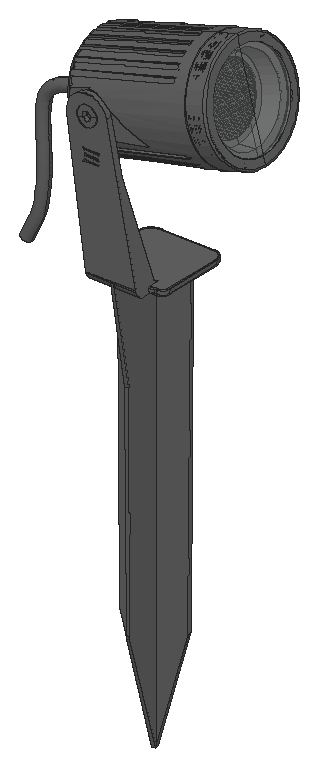
Revit family "STL23765_30 - 15°", category Luminárias, Revit 2023
Family settings
  Cota do conector redondo = Utilizar diâmetro
  Tipo de parte = Normal
  Com base no plano de trabalho = Não
  Sempre na vertical = Sim
  Corte com vazios quando carregada = Não
  Fonte luminosa = Sim
  Manter orientação da anotação = Não
  Compartilhado = Não
  Ponto de cálculo do ambiente = Não
Parameters (values of type "STL23765/30 - BIVOLT - 3000K - 700lm - 14º")
  Ângulo de inclinação = -90.00°
  Ângulo de Abertura = "14°"
  Wattage = 4.71247 W
  Vidro = Vidro
  URL = "https://stella.com.br/"
  Troca de temperatura da cor de lâmpada com esmaecimento = <Nenhum>
  Tensão Elétrica = "100V-240V"
  built-in parameter 1150107 = 3000 (stored number, unit not read)
  Temperatura da cor (K) = 3000 K
  Referência = "STL23765/30"
  Potência = 11.5 W
  built-in parameter 1150110 = 1 (stored number, unit not read)
  built-in parameter 1150109 = 1 (stored number, unit not read)
  built-in parameter 1114218 = 1 (stored number, unit not read)
  built-in parameter 1150112 = 1 (stored number, unit not read)
  built-in parameter 1150113 = 1 (stored number, unit not read)
  built-in parameter 1150132 = 2
  built-in parameter 1150137 = (empty or 0)
  Modelo = "S.Ground"
  Luminoso = Luminoso - 3000K
  built-in parameter 1150106 = 0.55704 (stored number, unit not read)
  built-in parameter 1150102 = (empty or 0)
  built-in parameter 1150105 = 55.704 (stored number, unit not read)
  IRC (Índice de reprodução de cores) = ">80"
  Grau de proteção (IP) = "IP67"
  Fluxo Luminoso = 700 lm
  Color Filter = 16777215
  built-in parameter 1114217 = 1 (stored number, unit not read)
  built-in parameter 1150139 = (empty or 0)
  Fabricante = "Stella"
  Estrutura = Al - Preto
  Default Elevation = 0.00 m
  built-in parameter 1150104 = 13.8 (stored number, unit not read)
  Diâmetro do Spot = 0.068 m
  Dimerização = "Não dimerizável"
  built-in parameter 1150115 = 1 (stored number, unit not read)
  built-in parameter 1150114 = 1 (stored number, unit not read)
  Lumens = 700 lm
  built-in parameter 1150138 = (empty or 0)
  built-in parameter 1150134 = (empty or 0)
  Arquivo de rede fotométrica = "STELLA - STL23765-30 - ESPETO GROUND 11W COM GRADE.ies"
  Altura do espeto no ângulo de 90° = 0.384 m
  Altura do Spot = 0.11 m
  built-in parameter 1150133 = 10 (stored number, unit not read)
Reference planes (m)
  plane 1 "Centro (Frente/Trás)": y = 0
  plane 2: z = -0.000025
  plane 3 "Centro (Esquerda/Direita)": x = 0
  plane 4: x = 0.034
  plane 5: x = -0.034
  plane 6: y = 0.034
  plane 7: y = -0.034
  plane 8: z = -0.260025
  plane 9: z = 0.164461
  plane 10: z = 0.123975
  plane 11 "Conector": z = 0.054461
Forms (m)
  Revolve 1, solid, material "Al - Preto" <- "Estrutura"
    sketch origin (0.070053, 0, 0.107732) x (0.258819, 0, -0.965926) y (0.965926, 0, 0.258819)
      loop
        arc (-0.032099, -0.082115) -> (-0.031983, -0.082705) -> (-0.031679, -0.083225) r 0.0018
        line (-0.031679, -0.083225) -> (-0.027771, -0.087882)
        arc (-0.027771, -0.087882) -> (-0.027153, -0.088356) -> (-0.026392, -0.088525) r 0.0018
        line (-0.026392, -0.088525) -> (0, -0.088525) -> (0, -0.086325) -> (-0.026549, -0.086325)
        arc (-0.026549, -0.086325) -> (-0.027253, -0.086035) -> (-0.027549, -0.085333) r 0.001
        line (-0.027549, -0.085333) -> (-0.027889, -0.046389) -> (-0.029004, -0.046389) -> (-0.0294, -0.001025) -> (-0.0302, -0.001025) -> (-0.0302, -0.000027) -> (-0.031, -0.000027) -> (-0.031, 0.000975) -> (-0.0318, 0.000975) -> (-0.0318, -0.002025) -> (-0.033, -0.002025) -> (-0.032, -0.002581) -> (-0.033063, -0.003021) -> (-0.032, -0.003581) -> (-0.033063, -0.004021) -> (-0.032, -0.004581) -> (-0.033063, -0.005021) -> (-0.032, -0.005581) -> (-0.033063, -0.006021) -> (-0.032, -0.006581) -> (-0.033063, -0.007021) -> (-0.032, -0.007581) -> (-0.033, -0.007995) -> (-0.031874, -0.008529) -> (-0.032743, -0.008708) -> (-0.032743, -0.009525) -> (-0.034, -0.009525) -> (-0.032099, -0.082115)
      axis (0, 0.000975) -> (0, -0.088525)
    angle from 0 to 360
  Extrusion 2, void
    sketch origin (0.767111, 0, 0.294508) x (0.258819, 0, -0.965926) y (0.965926, 0, 0.258819)
      loop
        line (-0.01308, -0.794236) -> (-0.012835, -0.803762) -> (0.012886, -0.803762) -> (0.015492, -0.760818) -> (-0.009303, -0.78496)
        arc (-0.009303, -0.78496) -> (-0.011284, -0.787473) -> (-0.012607, -0.790387) r 0.013291
        arc (-0.012607, -0.790387) -> (-0.01298, -0.792295) -> (-0.01308, -0.794236) r 0.013761
    from 0.029595 to 0.034
  Extrusion 3, void
    sketch origin (0.070053, 0, 0.107732) x (0.258819, 0, -0.965926) y (0.965926, 0, 0.258819)
      loop
        line (0.012886, -0.082115) -> (-0.012835, -0.082115)
        arc (-0.012835, -0.082115) -> (-0.012751, -0.082676) -> (-0.012604, -0.083225) r 0.00513
        arc (-0.012604, -0.083225) -> (0, -0.086236) -> (0.012604, -0.083225) r 0.027882
        arc (0.012604, -0.083225) -> (0.012764, -0.082674) -> (0.012886, -0.082115) r 0.008644
    from 0.029595 to 0.034
  Revolve 4, solid, material "Al - Preto" <- "Estrutura"
    sketch origin (0.070053, 0, 0.107732) x (0.258819, 0, -0.965926) y (0.965926, 0, 0.258819)
      loop
        line (-0.023145, -0.011471) -> (-0.024921, -0.001015) -> (-0.0292, -0.001015) -> (-0.0292, -0.014539) -> (-0.0238, -0.042865) -> (-0.022565, -0.042865) -> (-0.0226, -0.012671) -> (-0.02, -0.012671) -> (-0.02, -0.011471) -> (-0.023145, -0.011471)
      axis (0, -0.042865) -> (0, -0.001015)
    angle from 0 to 360
  Sweep 5, void
    path origin (0.071272, 0.00194, 0.088953) x (-0.257404, -0.104423, 0.960645) y (-0.965926, 0, -0.258819)
      loop
        line (-0.019286, 0.011939) -> (-0.01498, 0.016138) -> (-0.013266, 0.08651)
    profile origin (0.062122, 0.003729, 0.068861) x (-0.511894, 0.072899, -0.85595) y (0.027027, -0.994533, -0.100865)
      loop
        spline (0.001134, -0.001607) -> (0.001144, -0.001473) -> (0.001154, -0.001339) -> (0.001163, -0.001206) -> (0.00117, -0.001072) -> (0.001177, -0.000938) -> (0.001183, -0.000804) -> (0.001188, -0.00067) -> (0.001192, -0.000536) -> (0.001195, -0.000402) -> (0.001198, -0.000268) -> (0.001199, -0.000134) -> (0.001199, 0)
        spline (0.001199, 0) -> (0.001199, 0.000134) -> (0.001198, 0.000268) -> (0.001195, 0.000402) -> (0.001192, 0.000536) -> (0.001188, 0.00067) -> (0.001183, 0.000804) -> (0.001177, 0.000938) -> (0.00117, 0.001072) -> (0.001163, 0.001206) -> (0.001154, 0.001339) -> (0.001144, 0.001473) -> (0.001134, 0.001607)
        line (0.001134, 0.001607) -> (-0.000403, 0.001703) -> (-0.001856, 0.001576)
        spline (-0.001856, 0.001576) -> (-0.001833, 0.001314) -> (-0.001814, 0.001052) -> (-0.0018, 0.000789) -> (-0.00179, 0.000526) -> (-0.001784, 0.000263) -> (-0.001782, 0) -> (-0.001784, -0.000263) -> (-0.00179, -0.000526) -> (-0.0018, -0.000789) -> (-0.001814, -0.001052) -> (-0.001833, -0.001314) -> (-0.001856, -0.001576)
        line (-0.001856, -0.001576) -> (-0.000403, -0.001703) -> (0.001134, -0.001607)
  Revolve 6, solid, material "Luminoso - 3000K" <- "Luminoso"
    sketch origin (0.070053, 0, 0.107732) x (0.258819, 0, -0.965926) y (0.965926, 0, 0.258819)
      loop
        line (-0.019854, -0.016671) -> (-0.02245, -0.016671) -> (-0.02255, -0.018951) -> (-0.020738, -0.018951)
        arc (-0.020738, -0.018951) -> (-0.016066, -0.030152) -> (-0.009678, -0.040471) r 0.0763
        line (-0.009678, -0.040471) -> (-0.0088, -0.040471) -> (-0.0088, -0.028471) -> (0, -0.028471) -> (0, -0.02567) -> (-0.0025, -0.02567) -> (-0.0025, -0.02467) -> (-0.0051, -0.025393) -> (-0.0051, -0.023991)
        arc (-0.0051, -0.023991) -> (-0.005592, -0.023797) -> (-0.006083, -0.023599) r 0.095235
        arc (-0.006083, -0.023599) -> (-0.013109, -0.020414) -> (-0.019854, -0.016671) r 0.095235
      axis (0, -0.016671) -> (0, -0.040471)
    angle from 0 to 360
  Sweep 7, void
    path origin (0.071063, 0.005735, 0.089732) x (-0.246157, -0.308954, 0.91867) y (-0.965926, 0, -0.258819)
      loop
        line (-0.019286, 0.011939) -> (-0.01498, 0.016138) -> (-0.013266, 0.08651)
    profile origin (0.06172, 0.011029, 0.070359) x (-0.519746, 0.215685, -0.826646) y (0.079963, -0.951077, -0.298427)
      loop
        spline (0.001134, -0.001607) -> (0.001144, -0.001473) -> (0.001154, -0.001339) -> (0.001163, -0.001206) -> (0.00117, -0.001072) -> (0.001177, -0.000938) -> (0.001183, -0.000804) -> (0.001188, -0.00067) -> (0.001192, -0.000536) -> (0.001195, -0.000402) -> (0.001198, -0.000268) -> (0.001199, -0.000134) -> (0.001199, 0)
        spline (0.001199, 0) -> (0.001199, 0.000134) -> (0.001198, 0.000268) -> (0.001195, 0.000402) -> (0.001192, 0.000536) -> (0.001188, 0.00067) -> (0.001183, 0.000804) -> (0.001177, 0.000938) -> (0.00117, 0.001072) -> (0.001163, 0.001206) -> (0.001154, 0.001339) -> (0.001144, 0.001473) -> (0.001134, 0.001607)
        line (0.001134, 0.001607) -> (-0.000403, 0.001703) -> (-0.001856, 0.001576)
        spline (-0.001856, 0.001576) -> (-0.001833, 0.001314) -> (-0.001814, 0.001052) -> (-0.0018, 0.000789) -> (-0.00179, 0.000526) -> (-0.001784, 0.000263) -> (-0.001782, 0) -> (-0.001784, -0.000263) -> (-0.00179, -0.000526) -> (-0.0018, -0.000789) -> (-0.001814, -0.001052) -> (-0.001833, -0.001314) -> (-0.001856, -0.001576)
        line (-0.001856, -0.001576) -> (-0.000403, -0.001703) -> (0.001134, -0.001607)
  Sweep 8, void
    path origin (0.071063, -0.005735, 0.089732) x (-0.246157, 0.308954, 0.91867) y (0.965926, 0, 0.258819)
      loop
        line (-0.019286, -0.011939) -> (-0.01498, -0.016138) -> (-0.013266, -0.08651)
    profile origin (0.06172, -0.011029, 0.070359) x (0.519746, 0.215685, 0.826646) y (0.079963, 0.951077, -0.298427)
      loop
        line (-0.001134, -0.001607) -> (0.000403, -0.001703) -> (0.001856, -0.001576)
        spline (0.001856, -0.001576) -> (0.001833, -0.001314) -> (0.001814, -0.001052) -> (0.0018, -0.000789) -> (0.00179, -0.000526) -> (0.001784, -0.000263) -> (0.001782, 0) -> (0.001784, 0.000263) -> (0.00179, 0.000526) -> (0.0018, 0.000789) -> (0.001814, 0.001052) -> (0.001833, 0.001314) -> (0.001856, 0.001576)
        line (0.001856, 0.001576) -> (0.000403, 0.001703) -> (-0.001134, 0.001607)
        spline (-0.001134, 0.001607) -> (-0.001144, 0.001473) -> (-0.001154, 0.001339) -> (-0.001163, 0.001206) -> (-0.00117, 0.001072) -> (-0.001177, 0.000938) -> (-0.001183, 0.000804) -> (-0.001188, 0.00067) -> (-0.001192, 0.000536) -> (-0.001195, 0.000402) -> (-0.001198, 0.000268) -> (-0.001199, 0.000134) -> (-0.001199, 0)
        spline (-0.001199, 0) -> (-0.001199, -0.000134) -> (-0.001198, -0.000268) -> (-0.001195, -0.000402) -> (-0.001192, -0.000536) -> (-0.001188, -0.00067) -> (-0.001183, -0.000804) -> (-0.001177, -0.000938) -> (-0.00117, -0.001072) -> (-0.001163, -0.001206) -> (-0.001154, -0.001339) -> (-0.001144, -0.001473) -> (-0.001134, -0.001607)
  Sweep 9, void
    path origin (0.071272, -0.00194, 0.088953) x (-0.257404, 0.104423, 0.960645) y (0.965926, 0, 0.258819)
      loop
        line (-0.019286, -0.011939) -> (-0.01498, -0.016138) -> (-0.013266, -0.08651)
    profile origin (0.062122, -0.003729, 0.068861) x (0.511894, 0.072899, 0.85595) y (0.027027, 0.994533, -0.100865)
      loop
        line (-0.001134, -0.001607) -> (0.000403, -0.001703) -> (0.001856, -0.001576)
        spline (0.001856, -0.001576) -> (0.001833, -0.001314) -> (0.001814, -0.001052) -> (0.0018, -0.000789) -> (0.00179, -0.000526) -> (0.001784, -0.000263) -> (0.001782, 0) -> (0.001784, 0.000263) -> (0.00179, 0.000526) -> (0.0018, 0.000789) -> (0.001814, 0.001052) -> (0.001833, 0.001314) -> (0.001856, 0.001576)
        line (0.001856, 0.001576) -> (0.000403, 0.001703) -> (-0.001134, 0.001607)
        spline (-0.001134, 0.001607) -> (-0.001144, 0.001473) -> (-0.001154, 0.001339) -> (-0.001163, 0.001206) -> (-0.00117, 0.001072) -> (-0.001177, 0.000938) -> (-0.001183, 0.000804) -> (-0.001188, 0.00067) -> (-0.001192, 0.000536) -> (-0.001195, 0.000402) -> (-0.001198, 0.000268) -> (-0.001199, 0.000134) -> (-0.001199, 0)
        spline (-0.001199, 0) -> (-0.001199, -0.000134) -> (-0.001198, -0.000268) -> (-0.001195, -0.000402) -> (-0.001192, -0.000536) -> (-0.001188, -0.00067) -> (-0.001183, -0.000804) -> (-0.001177, -0.000938) -> (-0.00117, -0.001072) -> (-0.001163, -0.001206) -> (-0.001154, -0.001339) -> (-0.001144, -0.001473) -> (-0.001134, -0.001607)
  Sweep 10, void
    path origin (0.070654, 0.009278, 0.091256) x (-0.224161, -0.499884, 0.836581) y (-0.965926, 0, -0.258819)
      loop
        line (-0.019286, 0.011939) -> (-0.01498, 0.016138) -> (-0.013266, 0.08651)
    profile origin (0.060935, 0.017843, 0.073289) x (-0.535101, 0.348975, -0.769339) y (0.129379, -0.866093, -0.48285)
      loop
        spline (0.001134, -0.001607) -> (0.001144, -0.001473) -> (0.001154, -0.001339) -> (0.001163, -0.001206) -> (0.00117, -0.001072) -> (0.001177, -0.000938) -> (0.001183, -0.000804) -> (0.001188, -0.00067) -> (0.001192, -0.000536) -> (0.001195, -0.000402) -> (0.001198, -0.000268) -> (0.001199, -0.000134) -> (0.001199, 0)
        spline (0.001199, 0) -> (0.001199, 0.000134) -> (0.001198, 0.000268) -> (0.001195, 0.000402) -> (0.001192, 0.000536) -> (0.001188, 0.00067) -> (0.001183, 0.000804) -> (0.001177, 0.000938) -> (0.00117, 0.001072) -> (0.001163, 0.001206) -> (0.001154, 0.001339) -> (0.001144, 0.001473) -> (0.001134, 0.001607)
        line (0.001134, 0.001607) -> (-0.000403, 0.001703) -> (-0.001856, 0.001576)
        spline (-0.001856, 0.001576) -> (-0.001833, 0.001314) -> (-0.001814, 0.001052) -> (-0.0018, 0.000789) -> (-0.00179, 0.000526) -> (-0.001784, 0.000263) -> (-0.001782, 0) -> (-0.001784, -0.000263) -> (-0.00179, -0.000526) -> (-0.0018, -0.000789) -> (-0.001814, -0.001052) -> (-0.001833, -0.001314) -> (-0.001856, -0.001576)
        line (-0.001856, -0.001576) -> (-0.000403, -0.001703) -> (0.001134, -0.001607)
  Sweep 11, void
    path origin (0.070654, -0.009278, 0.091256) x (-0.224161, 0.499884, 0.836581) y (0.965926, 0, 0.258819)
      loop
        line (-0.019286, -0.011939) -> (-0.01498, -0.016138) -> (-0.013266, -0.08651)
    profile origin (0.060935, -0.017843, 0.073289) x (0.535101, 0.348975, 0.769339) y (0.129379, 0.866093, -0.48285)
      loop
        line (-0.001134, -0.001607) -> (0.000403, -0.001703) -> (0.001856, -0.001576)
        spline (0.001856, -0.001576) -> (0.001833, -0.001314) -> (0.001814, -0.001052) -> (0.0018, -0.000789) -> (0.00179, -0.000526) -> (0.001784, -0.000263) -> (0.001782, 0) -> (0.001784, 0.000263) -> (0.00179, 0.000526) -> (0.0018, 0.000789) -> (0.001814, 0.001052) -> (0.001833, 0.001314) -> (0.001856, 0.001576)
        line (0.001856, 0.001576) -> (0.000403, 0.001703) -> (-0.001134, 0.001607)
        spline (-0.001134, 0.001607) -> (-0.001144, 0.001473) -> (-0.001154, 0.001339) -> (-0.001163, 0.001206) -> (-0.00117, 0.001072) -> (-0.001177, 0.000938) -> (-0.001183, 0.000804) -> (-0.001188, 0.00067) -> (-0.001192, 0.000536) -> (-0.001195, 0.000402) -> (-0.001198, 0.000268) -> (-0.001199, 0.000134) -> (-0.001199, 0)
        spline (-0.001199, 0) -> (-0.001199, -0.000134) -> (-0.001198, -0.000268) -> (-0.001195, -0.000402) -> (-0.001192, -0.000536) -> (-0.001188, -0.00067) -> (-0.001183, -0.000804) -> (-0.001177, -0.000938) -> (-0.00117, -0.001072) -> (-0.001163, -0.001206) -> (-0.001154, -0.001339) -> (-0.001144, -0.001473) -> (-0.001134, -0.001607)
  Sweep 12, void
    path origin (0.070064, 0.012416, 0.093458) x (-0.192368, -0.66901, 0.717927) y (-0.965926, 0, -0.258819)
      loop
        line (-0.019286, 0.011939) -> (-0.01498, 0.016138) -> (-0.013266, 0.08651)
    profile origin (0.0598, 0.023878, 0.077524) x (-0.557297, 0.467045, -0.686505) y (0.173153, -0.743253, -0.646214)
      loop
        spline (0.001134, -0.001607) -> (0.001144, -0.001473) -> (0.001154, -0.001339) -> (0.001163, -0.001206) -> (0.00117, -0.001072) -> (0.001177, -0.000938) -> (0.001183, -0.000804) -> (0.001188, -0.00067) -> (0.001192, -0.000536) -> (0.001195, -0.000402) -> (0.001198, -0.000268) -> (0.001199, -0.000134) -> (0.001199, 0)
        spline (0.001199, 0) -> (0.001199, 0.000134) -> (0.001198, 0.000268) -> (0.001195, 0.000402) -> (0.001192, 0.000536) -> (0.001188, 0.00067) -> (0.001183, 0.000804) -> (0.001177, 0.000938) -> (0.00117, 0.001072) -> (0.001163, 0.001206) -> (0.001154, 0.001339) -> (0.001144, 0.001473) -> (0.001134, 0.001607)
        line (0.001134, 0.001607) -> (-0.000403, 0.001703) -> (-0.001856, 0.001576)
        spline (-0.001856, 0.001576) -> (-0.001833, 0.001314) -> (-0.001814, 0.001052) -> (-0.0018, 0.000789) -> (-0.00179, 0.000526) -> (-0.001784, 0.000263) -> (-0.001782, 0) -> (-0.001784, -0.000263) -> (-0.00179, -0.000526) -> (-0.0018, -0.000789) -> (-0.001814, -0.001052) -> (-0.001833, -0.001314) -> (-0.001856, -0.001576)
        line (-0.001856, -0.001576) -> (-0.000403, -0.001703) -> (0.001134, -0.001607)
  Sweep 13, void
    path origin (0.069318, 0.015012, 0.096243) x (-0.152161, -0.80893, 0.567872) y (-0.965926, 0, -0.258819)
      loop
        line (-0.019286, 0.011939) -> (-0.01498, 0.016138) -> (-0.013266, 0.08651)
    profile origin (0.058365, 0.028871, 0.08288) x (-0.585366, 0.564724, -0.58175) y (0.209367, -0.587905, -0.781367)
      loop
        spline (0.001134, -0.001607) -> (0.001144, -0.001473) -> (0.001154, -0.001339) -> (0.001163, -0.001206) -> (0.00117, -0.001072) -> (0.001177, -0.000938) -> (0.001183, -0.000804) -> (0.001188, -0.00067) -> (0.001192, -0.000536) -> (0.001195, -0.000402) -> (0.001198, -0.000268) -> (0.001199, -0.000134) -> (0.001199, 0)
        spline (0.001199, 0) -> (0.001199, 0.000134) -> (0.001198, 0.000268) -> (0.001195, 0.000402) -> (0.001192, 0.000536) -> (0.001188, 0.00067) -> (0.001183, 0.000804) -> (0.001177, 0.000938) -> (0.00117, 0.001072) -> (0.001163, 0.001206) -> (0.001154, 0.001339) -> (0.001144, 0.001473) -> (0.001134, 0.001607)
        line (0.001134, 0.001607) -> (-0.000403, 0.001703) -> (-0.001856, 0.001576)
        spline (-0.001856, 0.001576) -> (-0.001833, 0.001314) -> (-0.001814, 0.001052) -> (-0.0018, 0.000789) -> (-0.00179, 0.000526) -> (-0.001784, 0.000263) -> (-0.001782, 0) -> (-0.001784, -0.000263) -> (-0.00179, -0.000526) -> (-0.0018, -0.000789) -> (-0.001814, -0.001052) -> (-0.001833, -0.001314) -> (-0.001856, -0.001576)
        line (-0.001856, -0.001576) -> (-0.000403, -0.001703) -> (0.001134, -0.001607)
  Sweep 14, void
    path origin (0.070064, -0.012416, 0.093458) x (-0.192368, 0.66901, 0.717927) y (0.965926, 0, 0.258819)
      loop
        line (-0.019286, -0.011939) -> (-0.01498, -0.016138) -> (-0.013266, -0.08651)
    profile origin (0.0598, -0.023878, 0.077524) x (0.557297, 0.467045, 0.686505) y (0.173153, 0.743253, -0.646214)
      loop
        line (-0.001134, -0.001607) -> (0.000403, -0.001703) -> (0.001856, -0.001576)
        spline (0.001856, -0.001576) -> (0.001833, -0.001314) -> (0.001814, -0.001052) -> (0.0018, -0.000789) -> (0.00179, -0.000526) -> (0.001784, -0.000263) -> (0.001782, 0) -> (0.001784, 0.000263) -> (0.00179, 0.000526) -> (0.0018, 0.000789) -> (0.001814, 0.001052) -> (0.001833, 0.001314) -> (0.001856, 0.001576)
        line (0.001856, 0.001576) -> (0.000403, 0.001703) -> (-0.001134, 0.001607)
        spline (-0.001134, 0.001607) -> (-0.001144, 0.001473) -> (-0.001154, 0.001339) -> (-0.001163, 0.001206) -> (-0.00117, 0.001072) -> (-0.001177, 0.000938) -> (-0.001183, 0.000804) -> (-0.001188, 0.00067) -> (-0.001192, 0.000536) -> (-0.001195, 0.000402) -> (-0.001198, 0.000268) -> (-0.001199, 0.000134) -> (-0.001199, 0)
        spline (-0.001199, 0) -> (-0.001199, -0.000134) -> (-0.001198, -0.000268) -> (-0.001195, -0.000402) -> (-0.001192, -0.000536) -> (-0.001188, -0.00067) -> (-0.001183, -0.000804) -> (-0.001177, -0.000938) -> (-0.00117, -0.001072) -> (-0.001163, -0.001206) -> (-0.001154, -0.001339) -> (-0.001144, -0.001473) -> (-0.001134, -0.001607)
  Sweep 15, void
    path origin (0.069318, -0.015012, 0.096243) x (-0.152161, 0.80893, 0.567872) y (0.965926, 0, 0.258819)
      loop
        line (-0.019286, -0.011939) -> (-0.01498, -0.016138) -> (-0.013266, -0.08651)
    profile origin (0.058365, -0.028871, 0.08288) x (0.585366, 0.564724, 0.58175) y (0.209367, 0.587905, -0.781367)
      loop
        line (-0.001134, -0.001607) -> (0.000403, -0.001703) -> (0.001856, -0.001576)
        spline (0.001856, -0.001576) -> (0.001833, -0.001314) -> (0.001814, -0.001052) -> (0.0018, -0.000789) -> (0.00179, -0.000526) -> (0.001784, -0.000263) -> (0.001782, 0) -> (0.001784, 0.000263) -> (0.00179, 0.000526) -> (0.0018, 0.000789) -> (0.001814, 0.001052) -> (0.001833, 0.001314) -> (0.001856, 0.001576)
        line (0.001856, 0.001576) -> (0.000403, 0.001703) -> (-0.001134, 0.001607)
        spline (-0.001134, 0.001607) -> (-0.001144, 0.001473) -> (-0.001154, 0.001339) -> (-0.001163, 0.001206) -> (-0.00117, 0.001072) -> (-0.001177, 0.000938) -> (-0.001183, 0.000804) -> (-0.001188, 0.00067) -> (-0.001192, 0.000536) -> (-0.001195, 0.000402) -> (-0.001198, 0.000268) -> (-0.001199, 0.000134) -> (-0.001199, 0)
        spline (-0.001199, 0) -> (-0.001199, -0.000134) -> (-0.001198, -0.000268) -> (-0.001195, -0.000402) -> (-0.001192, -0.000536) -> (-0.001188, -0.00067) -> (-0.001183, -0.000804) -> (-0.001177, -0.000938) -> (-0.00117, -0.001072) -> (-0.001163, -0.001206) -> (-0.001154, -0.001339) -> (-0.001144, -0.001473) -> (-0.001134, -0.001607)
  Sweep 16, void
    path origin (0.061719, 0.00194, 0.124603) x (0.257404, -0.104423, -0.960645) y (0.965926, 0, 0.258819)
      loop
        line (-0.019286, -0.011939) -> (-0.01498, -0.016138) -> (-0.013266, -0.08651)
    profile origin (0.043749, 0.003729, 0.137429) x (0.871288, -0.072899, -0.485327) y (-0.027027, -0.994533, 0.100865)
      loop
        line (-0.001134, -0.001607) -> (0.000403, -0.001703) -> (0.001856, -0.001576)
        spline (0.001856, -0.001576) -> (0.001833, -0.001314) -> (0.001814, -0.001052) -> (0.0018, -0.000789) -> (0.00179, -0.000526) -> (0.001784, -0.000263) -> (0.001782, 0) -> (0.001784, 0.000263) -> (0.00179, 0.000526) -> (0.0018, 0.000789) -> (0.001814, 0.001052) -> (0.001833, 0.001314) -> (0.001856, 0.001576)
        line (0.001856, 0.001576) -> (0.000403, 0.001703) -> (-0.001134, 0.001607)
        spline (-0.001134, 0.001607) -> (-0.001144, 0.001473) -> (-0.001154, 0.001339) -> (-0.001163, 0.001206) -> (-0.00117, 0.001072) -> (-0.001177, 0.000938) -> (-0.001183, 0.000804) -> (-0.001188, 0.00067) -> (-0.001192, 0.000536) -> (-0.001195, 0.000402) -> (-0.001198, 0.000268) -> (-0.001199, 0.000134) -> (-0.001199, 0)
        spline (-0.001199, 0) -> (-0.001199, -0.000134) -> (-0.001198, -0.000268) -> (-0.001195, -0.000402) -> (-0.001192, -0.000536) -> (-0.001188, -0.00067) -> (-0.001183, -0.000804) -> (-0.001177, -0.000938) -> (-0.00117, -0.001072) -> (-0.001163, -0.001206) -> (-0.001154, -0.001339) -> (-0.001144, -0.001473) -> (-0.001134, -0.001607)
  Sweep 17, void
    path origin (0.061928, 0.005735, 0.123824) x (0.246157, -0.308954, -0.91867) y (0.965926, 0, 0.258819)
      loop
        line (-0.019286, -0.011939) -> (-0.01498, -0.016138) -> (-0.013266, -0.08651)
    profile origin (0.04415, 0.011029, 0.13593) x (0.863436, -0.215685, -0.456024) y (-0.079963, -0.951077, 0.298427)
      loop
        line (-0.001134, -0.001607) -> (0.000403, -0.001703) -> (0.001856, -0.001576)
        spline (0.001856, -0.001576) -> (0.001833, -0.001314) -> (0.001814, -0.001052) -> (0.0018, -0.000789) -> (0.00179, -0.000526) -> (0.001784, -0.000263) -> (0.001782, 0) -> (0.001784, 0.000263) -> (0.00179, 0.000526) -> (0.0018, 0.000789) -> (0.001814, 0.001052) -> (0.001833, 0.001314) -> (0.001856, 0.001576)
        line (0.001856, 0.001576) -> (0.000403, 0.001703) -> (-0.001134, 0.001607)
        spline (-0.001134, 0.001607) -> (-0.001144, 0.001473) -> (-0.001154, 0.001339) -> (-0.001163, 0.001206) -> (-0.00117, 0.001072) -> (-0.001177, 0.000938) -> (-0.001183, 0.000804) -> (-0.001188, 0.00067) -> (-0.001192, 0.000536) -> (-0.001195, 0.000402) -> (-0.001198, 0.000268) -> (-0.001199, 0.000134) -> (-0.001199, 0)
        spline (-0.001199, 0) -> (-0.001199, -0.000134) -> (-0.001198, -0.000268) -> (-0.001195, -0.000402) -> (-0.001192, -0.000536) -> (-0.001188, -0.00067) -> (-0.001183, -0.000804) -> (-0.001177, -0.000938) -> (-0.00117, -0.001072) -> (-0.001163, -0.001206) -> (-0.001154, -0.001339) -> (-0.001144, -0.001473) -> (-0.001134, -0.001607)
  Sweep 18, void
    path origin (0.061928, -0.005735, 0.123824) x (0.246157, 0.308954, -0.91867) y (-0.965926, 0, -0.258819)
      loop
        line (-0.019286, 0.011939) -> (-0.01498, 0.016138) -> (-0.013266, 0.08651)
    profile origin (0.04415, -0.011029, 0.13593) x (-0.863436, -0.215685, 0.456024) y (-0.079963, 0.951077, 0.298427)
      loop
        spline (0.001134, -0.001607) -> (0.001144, -0.001473) -> (0.001154, -0.001339) -> (0.001163, -0.001206) -> (0.00117, -0.001072) -> (0.001177, -0.000938) -> (0.001183, -0.000804) -> (0.001188, -0.00067) -> (0.001192, -0.000536) -> (0.001195, -0.000402) -> (0.001198, -0.000268) -> (0.001199, -0.000134) -> (0.001199, 0)
        spline (0.001199, 0) -> (0.001199, 0.000134) -> (0.001198, 0.000268) -> (0.001195, 0.000402) -> (0.001192, 0.000536) -> (0.001188, 0.00067) -> (0.001183, 0.000804) -> (0.001177, 0.000938) -> (0.00117, 0.001072) -> (0.001163, 0.001206) -> (0.001154, 0.001339) -> (0.001144, 0.001473) -> (0.001134, 0.001607)
        line (0.001134, 0.001607) -> (-0.000403, 0.001703) -> (-0.001856, 0.001576)
        spline (-0.001856, 0.001576) -> (-0.001833, 0.001314) -> (-0.001814, 0.001052) -> (-0.0018, 0.000789) -> (-0.00179, 0.000526) -> (-0.001784, 0.000263) -> (-0.001782, 0) -> (-0.001784, -0.000263) -> (-0.00179, -0.000526) -> (-0.0018, -0.000789) -> (-0.001814, -0.001052) -> (-0.001833, -0.001314) -> (-0.001856, -0.001576)
        line (-0.001856, -0.001576) -> (-0.000403, -0.001703) -> (0.001134, -0.001607)
  Sweep 19, void
    path origin (0.061719, -0.00194, 0.124603) x (0.257404, 0.104423, -0.960645) y (-0.965926, 0, -0.258819)
      loop
        line (-0.019286, 0.011939) -> (-0.01498, 0.016138) -> (-0.013266, 0.08651)
    profile origin (0.043749, -0.003729, 0.137429) x (-0.871288, -0.072899, 0.485327) y (-0.027027, 0.994533, 0.100865)
      loop
        spline (0.001134, -0.001607) -> (0.001144, -0.001473) -> (0.001154, -0.001339) -> (0.001163, -0.001206) -> (0.00117, -0.001072) -> (0.001177, -0.000938) -> (0.001183, -0.000804) -> (0.001188, -0.00067) -> (0.001192, -0.000536) -> (0.001195, -0.000402) -> (0.001198, -0.000268) -> (0.001199, -0.000134) -> (0.001199, 0)
        spline (0.001199, 0) -> (0.001199, 0.000134) -> (0.001198, 0.000268) -> (0.001195, 0.000402) -> (0.001192, 0.000536) -> (0.001188, 0.00067) -> (0.001183, 0.000804) -> (0.001177, 0.000938) -> (0.00117, 0.001072) -> (0.001163, 0.001206) -> (0.001154, 0.001339) -> (0.001144, 0.001473) -> (0.001134, 0.001607)
        line (0.001134, 0.001607) -> (-0.000403, 0.001703) -> (-0.001856, 0.001576)
        spline (-0.001856, 0.001576) -> (-0.001833, 0.001314) -> (-0.001814, 0.001052) -> (-0.0018, 0.000789) -> (-0.00179, 0.000526) -> (-0.001784, 0.000263) -> (-0.001782, 0) -> (-0.001784, -0.000263) -> (-0.00179, -0.000526) -> (-0.0018, -0.000789) -> (-0.001814, -0.001052) -> (-0.001833, -0.001314) -> (-0.001856, -0.001576)
        line (-0.001856, -0.001576) -> (-0.000403, -0.001703) -> (0.001134, -0.001607)
  Sweep 20, void
    path origin (0.062336, 0.009278, 0.1223) x (0.224161, -0.499884, -0.836581) y (0.965926, 0, 0.258819)
      loop
        line (-0.019286, -0.011939) -> (-0.01498, -0.016138) -> (-0.013266, -0.08651)
    profile origin (0.044935, 0.017843, 0.133) x (0.848081, -0.348975, -0.398717) y (-0.129379, -0.866093, 0.48285)
      loop
        line (-0.001134, -0.001607) -> (0.000403, -0.001703) -> (0.001856, -0.001576)
        spline (0.001856, -0.001576) -> (0.001833, -0.001314) -> (0.001814, -0.001052) -> (0.0018, -0.000789) -> (0.00179, -0.000526) -> (0.001784, -0.000263) -> (0.001782, 0) -> (0.001784, 0.000263) -> (0.00179, 0.000526) -> (0.0018, 0.000789) -> (0.001814, 0.001052) -> (0.001833, 0.001314) -> (0.001856, 0.001576)
        line (0.001856, 0.001576) -> (0.000403, 0.001703) -> (-0.001134, 0.001607)
        spline (-0.001134, 0.001607) -> (-0.001144, 0.001473) -> (-0.001154, 0.001339) -> (-0.001163, 0.001206) -> (-0.00117, 0.001072) -> (-0.001177, 0.000938) -> (-0.001183, 0.000804) -> (-0.001188, 0.00067) -> (-0.001192, 0.000536) -> (-0.001195, 0.000402) -> (-0.001198, 0.000268) -> (-0.001199, 0.000134) -> (-0.001199, 0)
        spline (-0.001199, 0) -> (-0.001199, -0.000134) -> (-0.001198, -0.000268) -> (-0.001195, -0.000402) -> (-0.001192, -0.000536) -> (-0.001188, -0.00067) -> (-0.001183, -0.000804) -> (-0.001177, -0.000938) -> (-0.00117, -0.001072) -> (-0.001163, -0.001206) -> (-0.001154, -0.001339) -> (-0.001144, -0.001473) -> (-0.001134, -0.001607)
  Sweep 21, void
    path origin (0.062336, -0.009278, 0.1223) x (0.224161, 0.499884, -0.836581) y (-0.965926, 0, -0.258819)
      loop
        line (-0.019286, 0.011939) -> (-0.01498, 0.016138) -> (-0.013266, 0.08651)
    profile origin (0.044935, -0.017843, 0.133) x (-0.848081, -0.348975, 0.398717) y (-0.129379, 0.866093, 0.48285)
      loop
        spline (0.001134, -0.001607) -> (0.001144, -0.001473) -> (0.001154, -0.001339) -> (0.001163, -0.001206) -> (0.00117, -0.001072) -> (0.001177, -0.000938) -> (0.001183, -0.000804) -> (0.001188, -0.00067) -> (0.001192, -0.000536) -> (0.001195, -0.000402) -> (0.001198, -0.000268) -> (0.001199, -0.000134) -> (0.001199, 0)
        spline (0.001199, 0) -> (0.001199, 0.000134) -> (0.001198, 0.000268) -> (0.001195, 0.000402) -> (0.001192, 0.000536) -> (0.001188, 0.00067) -> (0.001183, 0.000804) -> (0.001177, 0.000938) -> (0.00117, 0.001072) -> (0.001163, 0.001206) -> (0.001154, 0.001339) -> (0.001144, 0.001473) -> (0.001134, 0.001607)
        line (0.001134, 0.001607) -> (-0.000403, 0.001703) -> (-0.001856, 0.001576)
        spline (-0.001856, 0.001576) -> (-0.001833, 0.001314) -> (-0.001814, 0.001052) -> (-0.0018, 0.000789) -> (-0.00179, 0.000526) -> (-0.001784, 0.000263) -> (-0.001782, 0) -> (-0.001784, -0.000263) -> (-0.00179, -0.000526) -> (-0.0018, -0.000789) -> (-0.001814, -0.001052) -> (-0.001833, -0.001314) -> (-0.001856, -0.001576)
        line (-0.001856, -0.001576) -> (-0.000403, -0.001703) -> (0.001134, -0.001607)
  Sweep 22, void
    path origin (0.062926, 0.012416, 0.120098) x (0.192368, -0.66901, -0.717927) y (0.965926, 0, 0.258819)
      loop
        line (-0.019286, -0.011939) -> (-0.01498, -0.016138) -> (-0.013266, -0.08651)
    profile origin (0.04607, 0.023878, 0.128765) x (0.825886, -0.467045, -0.315883) y (-0.173153, -0.743253, 0.646214)
      loop
        line (-0.001134, -0.001607) -> (0.000403, -0.001703) -> (0.001856, -0.001576)
        spline (0.001856, -0.001576) -> (0.001833, -0.001314) -> (0.001814, -0.001052) -> (0.0018, -0.000789) -> (0.00179, -0.000526) -> (0.001784, -0.000263) -> (0.001782, 0) -> (0.001784, 0.000263) -> (0.00179, 0.000526) -> (0.0018, 0.000789) -> (0.001814, 0.001052) -> (0.001833, 0.001314) -> (0.001856, 0.001576)
        line (0.001856, 0.001576) -> (0.000403, 0.001703) -> (-0.001134, 0.001607)
        spline (-0.001134, 0.001607) -> (-0.001144, 0.001473) -> (-0.001154, 0.001339) -> (-0.001163, 0.001206) -> (-0.00117, 0.001072) -> (-0.001177, 0.000938) -> (-0.001183, 0.000804) -> (-0.001188, 0.00067) -> (-0.001192, 0.000536) -> (-0.001195, 0.000402) -> (-0.001198, 0.000268) -> (-0.001199, 0.000134) -> (-0.001199, 0)
        spline (-0.001199, 0) -> (-0.001199, -0.000134) -> (-0.001198, -0.000268) -> (-0.001195, -0.000402) -> (-0.001192, -0.000536) -> (-0.001188, -0.00067) -> (-0.001183, -0.000804) -> (-0.001177, -0.000938) -> (-0.00117, -0.001072) -> (-0.001163, -0.001206) -> (-0.001154, -0.001339) -> (-0.001144, -0.001473) -> (-0.001134, -0.001607)
  Sweep 23, void
    path origin (0.063672, 0.015012, 0.117313) x (0.152161, -0.80893, -0.567872) y (0.965926, 0, 0.258819)
      loop
        line (-0.019286, -0.011939) -> (-0.01498, -0.016138) -> (-0.013266, -0.08651)
    profile origin (0.047505, 0.028871, 0.123409) x (0.797817, -0.564724, -0.211127) y (-0.209367, -0.587905, 0.781367)
      loop
        line (-0.001134, -0.001607) -> (0.000403, -0.001703) -> (0.001856, -0.001576)
        spline (0.001856, -0.001576) -> (0.001833, -0.001314) -> (0.001814, -0.001052) -> (0.0018, -0.000789) -> (0.00179, -0.000526) -> (0.001784, -0.000263) -> (0.001782, 0) -> (0.001784, 0.000263) -> (0.00179, 0.000526) -> (0.0018, 0.000789) -> (0.001814, 0.001052) -> (0.001833, 0.001314) -> (0.001856, 0.001576)
        line (0.001856, 0.001576) -> (0.000403, 0.001703) -> (-0.001134, 0.001607)
        spline (-0.001134, 0.001607) -> (-0.001144, 0.001473) -> (-0.001154, 0.001339) -> (-0.001163, 0.001206) -> (-0.00117, 0.001072) -> (-0.001177, 0.000938) -> (-0.001183, 0.000804) -> (-0.001188, 0.00067) -> (-0.001192, 0.000536) -> (-0.001195, 0.000402) -> (-0.001198, 0.000268) -> (-0.001199, 0.000134) -> (-0.001199, 0)
        spline (-0.001199, 0) -> (-0.001199, -0.000134) -> (-0.001198, -0.000268) -> (-0.001195, -0.000402) -> (-0.001192, -0.000536) -> (-0.001188, -0.00067) -> (-0.001183, -0.000804) -> (-0.001177, -0.000938) -> (-0.00117, -0.001072) -> (-0.001163, -0.001206) -> (-0.001154, -0.001339) -> (-0.001144, -0.001473) -> (-0.001134, -0.001607)
  Sweep 24, void
    path origin (0.062926, -0.012416, 0.120098) x (0.192368, 0.66901, -0.717927) y (-0.965926, 0, -0.258819)
      loop
        line (-0.019286, 0.011939) -> (-0.01498, 0.016138) -> (-0.013266, 0.08651)
    profile origin (0.04607, -0.023878, 0.128765) x (-0.825886, -0.467045, 0.315883) y (-0.173153, 0.743253, 0.646214)
      loop
        spline (0.001134, -0.001607) -> (0.001144, -0.001473) -> (0.001154, -0.001339) -> (0.001163, -0.001206) -> (0.00117, -0.001072) -> (0.001177, -0.000938) -> (0.001183, -0.000804) -> (0.001188, -0.00067) -> (0.001192, -0.000536) -> (0.001195, -0.000402) -> (0.001198, -0.000268) -> (0.001199, -0.000134) -> (0.001199, 0)
        spline (0.001199, 0) -> (0.001199, 0.000134) -> (0.001198, 0.000268) -> (0.001195, 0.000402) -> (0.001192, 0.000536) -> (0.001188, 0.00067) -> (0.001183, 0.000804) -> (0.001177, 0.000938) -> (0.00117, 0.001072) -> (0.001163, 0.001206) -> (0.001154, 0.001339) -> (0.001144, 0.001473) -> (0.001134, 0.001607)
        line (0.001134, 0.001607) -> (-0.000403, 0.001703) -> (-0.001856, 0.001576)
        spline (-0.001856, 0.001576) -> (-0.001833, 0.001314) -> (-0.001814, 0.001052) -> (-0.0018, 0.000789) -> (-0.00179, 0.000526) -> (-0.001784, 0.000263) -> (-0.001782, 0) -> (-0.001784, -0.000263) -> (-0.00179, -0.000526) -> (-0.0018, -0.000789) -> (-0.001814, -0.001052) -> (-0.001833, -0.001314) -> (-0.001856, -0.001576)
        line (-0.001856, -0.001576) -> (-0.000403, -0.001703) -> (0.001134, -0.001607)
  Sweep 25, void
    path origin (0.063672, -0.015012, 0.117313) x (0.152161, 0.80893, -0.567872) y (-0.965926, 0, -0.258819)
      loop
        line (-0.019286, 0.011939) -> (-0.01498, 0.016138) -> (-0.013266, 0.08651)
    profile origin (0.047505, -0.028871, 0.123409) x (-0.797817, -0.564724, 0.211127) y (-0.209367, 0.587905, 0.781367)
      loop
        spline (0.001134, -0.001607) -> (0.001144, -0.001473) -> (0.001154, -0.001339) -> (0.001163, -0.001206) -> (0.00117, -0.001072) -> (0.001177, -0.000938) -> (0.001183, -0.000804) -> (0.001188, -0.00067) -> (0.001192, -0.000536) -> (0.001195, -0.000402) -> (0.001198, -0.000268) -> (0.001199, -0.000134) -> (0.001199, 0)
        spline (0.001199, 0) -> (0.001199, 0.000134) -> (0.001198, 0.000268) -> (0.001195, 0.000402) -> (0.001192, 0.000536) -> (0.001188, 0.00067) -> (0.001183, 0.000804) -> (0.001177, 0.000938) -> (0.00117, 0.001072) -> (0.001163, 0.001206) -> (0.001154, 0.001339) -> (0.001144, 0.001473) -> (0.001134, 0.001607)
        line (0.001134, 0.001607) -> (-0.000403, 0.001703) -> (-0.001856, 0.001576)
        spline (-0.001856, 0.001576) -> (-0.001833, 0.001314) -> (-0.001814, 0.001052) -> (-0.0018, 0.000789) -> (-0.00179, 0.000526) -> (-0.001784, 0.000263) -> (-0.001782, 0) -> (-0.001784, -0.000263) -> (-0.00179, -0.000526) -> (-0.0018, -0.000789) -> (-0.001814, -0.001052) -> (-0.001833, -0.001314) -> (-0.001856, -0.001576)
        line (-0.001856, -0.001576) -> (-0.000403, -0.001703) -> (0.001134, -0.001607)
  Revolve 26, solid, material "Al - Preto" <- "Estrutura"
    sketch origin (0.095935, 0, 0.011139) x (0.258819, 0, -0.965926) y (0.965926, 0, 0.258819)
      loop
        line (-0.133983, -0.009035) -> (-0.13287, -0.00899) -> (-0.131937, -0.008555) -> (-0.133067, -0.008023) -> (-0.132, -0.007581) -> (-0.133063, -0.007021) -> (-0.132, -0.006581) -> (-0.133063, -0.006021) -> (-0.132, -0.005581) -> (-0.133063, -0.005021) -> (-0.132, -0.004581) -> (-0.133063, -0.004021) -> (-0.132, -0.003581) -> (-0.133063, -0.003021) -> (-0.132, -0.002581) -> (-0.133, -0.002025) -> (-0.1318, -0.002025) -> (-0.1318, 0.001475) -> (-0.12815, 0.001475) -> (-0.12815, 0.002975) -> (-0.132887, 0.002975)
        arc (-0.132887, 0.002975) -> (-0.133591, 0.002685) -> (-0.133886, 0.001984) r 0.001
        line (-0.133886, 0.001984) -> (-0.133983, -0.009035)
      axis (-0.1, 0.002975) -> (-0.1, -0.009035)
    angle from 0 to 360
  Revolve 27, solid, material "Vidro" <- "Vidro"
    sketch origin (0.095935, 0, 0.011139) x (0.258819, 0, -0.965926) y (0.965926, 0, 0.258819)
      loop
        line (-0.13, 0.000475) -> (-0.13, -0.001025) -> (-0.1, -0.001025) -> (-0.1, 0.002975) -> (-0.128, 0.002975) -> (-0.128, 0.001475) -> (-0.129, 0.001475) -> (-0.13, 0.000475)
      axis (-0.1, 0.002975) -> (-0.1, -0.001025)
    angle from 0 to 360
  Revolve 28, solid, material "Al - Preto" <- "Estrutura"
    sketch origin (0.070053, 0, 0.107732) x (0.258819, 0, -0.965926) y (0.965926, 0, 0.258819)
      loop
        line (-0.0085, -0.088525) -> (-0.011079, -0.088525)
        arc (-0.011079, -0.088525) -> (-0.01067, -0.088694) -> (-0.0105, -0.089104) r 0.000579
        line (-0.0105, -0.089104) -> (-0.0105, -0.091537) -> (-0.0085, -0.091537) -> (-0.0085, -0.088525)
      axis (0, -0.088525) -> (0, -0.091537)
    angle from 0 to 360
  Extrusion 29, solid, material "Al - Preto" <- "Estrutura"
    sketch origin (0.07003, 0, 0.107725) x (0.258819, 0, -0.965926) y (0, 1, 0)
      loop
        circle (0, 0) r 0.0105
      loop
        circle (0, 0) r 0.0085
    from -0.099688 to -0.091512
  Revolve 30, solid, material "Al - Preto" <- "Estrutura"
    sketch origin (0.070053, 0, 0.107732) x (0.258819, 0, -0.965926) y (0.965926, 0, 0.258819)
      loop
        line (-0.004, -0.105525) -> (-0.004, -0.104253)
        arc (-0.004, -0.104253) -> (-0.005857, -0.103303) -> (-0.006956, -0.10153) r 0.003887
        line (-0.006956, -0.10153) -> (-0.0085, -0.10153)
        arc (-0.0085, -0.10153) -> (-0.007283, -0.103986) -> (-0.005015, -0.105525) r 0.005387
        line (-0.005015, -0.105525) -> (-0.004, -0.105525)
      axis (0, -0.10153) -> (0, -0.105525)
    angle from 0 to 360
  Revolve 31, solid, material "Al - Preto" <- "Estrutura"
    sketch origin (0.070053, 0, 0.107732) x (0.258819, 0, -0.965926) y (0.965926, 0, 0.258819)
      loop
        line (-0.00625, -0.10153) -> (-0.00625, -0.099713) -> (-0.0105, -0.099713) -> (-0.008501, -0.10153) -> (-0.00625, -0.10153)
      axis (0, -0.099713) -> (0, -0.10153)
    angle from 0 to 360
  Extrusion 32, void
    sketch origin (0.070995, 0, 0.107984) x (0.258819, 0, -0.965926) y (0, 1, 0)
      loop
        line (-0.005485, 0.0095) -> (-0.01097, 0) -> (-0.005485, -0.0095) -> (0.005485, -0.0095) -> (0.01097, 0) -> (0.005485, 0.0095) -> (-0.005485, 0.0095)
      loop
        line (-0.007217, 0.0125) -> (-0.014434, 0) -> (-0.007217, -0.0125) -> (0.007217, -0.0125) -> (0.014434, 0) -> (0.007217, 0.0125) -> (-0.007217, 0.0125)
    from -0.102505 to -0.092512
  Sweep 33, solid, material "Al - Preto" <- "Estrutura"
    path origin (0.070053, 0, 0.107732) x (0.258819, 0, -0.965926) y (0.965926, 0, 0.258819)
      loop
        spline (0, -0.088525) -> (0.00017, -0.107254) -> (0.001359, -0.118541) -> (0.004485, -0.125329) -> (0.009784, -0.129392) -> (0.017205, -0.132016) -> (0.026383, -0.134226) -> (0.036128, -0.136364) -> (0.045162, -0.138662) -> (0.053185, -0.141298) -> (0.060844, -0.1444) -> (0.06925, -0.14888) -> (0.081542, -0.159408)
    profile origin (-0.015455, 0, 0.08482) x (0.258819, 0, -0.965926) y (0, -1, 0)
      loop
        circle (0, 0) r 0.0034
  Extrusion 34, solid, material "Al - Preto" <- "Estrutura"
    sketch origin (0.0918, 0, -0.037839) x (0.258819, 0, -0.965926) y (0, 1, 0)
      loop
        line (-0.170839, 0.0246) -> (-0.170839, -0.0246) -> (-0.121639, -0.0246) -> (-0.121639, 0.0246) -> (-0.170839, 0.0246)
    from 0.0006 to 0.0036
  Extrusion 35, void
    sketch origin (0.0918, 0, -0.037839) x (0.258819, 0, -0.965926) y (0, 1, 0)
      loop
        line (-0.136915, -0.0015) -> (-0.13768, -0.000175) -> (-0.13921, -0.000175) -> (-0.139975, -0.0015) -> (-0.13921, -0.002825) -> (-0.13768, -0.002825) -> (-0.136915, -0.0015)
      loop
        line (-0.139513, 0) -> (-0.140278, 0.001325) -> (-0.141808, 0.001325) -> (-0.142573, 0) -> (-0.141808, -0.001325) -> (-0.140278, -0.001325) -> (-0.139513, 0)
      loop
        line (-0.142111, 0.0015) -> (-0.142876, 0.002825) -> (-0.144406, 0.002825) -> (-0.145171, 0.0015) -> (-0.144406, 0.000175) -> (-0.142876, 0.000175) -> (-0.142111, 0.0015)
      loop
        line (-0.144709, 0.003) -> (-0.145474, 0.004325) -> (-0.147004, 0.004325) -> (-0.147769, 0.003) -> (-0.147004, 0.001675) -> (-0.145474, 0.001675) -> (-0.144709, 0.003)
      loop
        line (-0.147307, 0.0045) -> (-0.148072, 0.005825) -> (-0.149602, 0.005825) -> (-0.150367, 0.0045) -> (-0.149602, 0.003175) -> (-0.148072, 0.003175) -> (-0.147307, 0.0045)
      loop
        line (-0.149905, 0.006) -> (-0.15067, 0.007325) -> (-0.1522, 0.007325) -> (-0.152965, 0.006) -> (-0.1522, 0.004675) -> (-0.15067, 0.004675) -> (-0.149905, 0.006)
      loop
        line (-0.152503, 0.0075) -> (-0.153268, 0.008825) -> (-0.154798, 0.008825) -> (-0.155563, 0.0075) -> (-0.154798, 0.006175) -> (-0.153268, 0.006175) -> (-0.152503, 0.0075)
      loop
        line (-0.155101, 0.009) -> (-0.155866, 0.010325) -> (-0.157396, 0.010325) -> (-0.158161, 0.009) -> (-0.157396, 0.007675) -> (-0.155866, 0.007675) -> (-0.155101, 0.009)
      loop
        line (-0.131718, -0.0045) -> (-0.132483, -0.003175) -> (-0.134013, -0.003175) -> (-0.134778, -0.0045) -> (-0.134013, -0.005825) -> (-0.132483, -0.005825) -> (-0.131718, -0.0045)
      loop
        line (-0.134317, -0.003) -> (-0.135081, -0.001675) -> (-0.136611, -0.001675) -> (-0.137376, -0.003) -> (-0.136611, -0.004325) -> (-0.135082, -0.004325) -> (-0.134317, -0.003)
      loop
        line (-0.139513, -0.003) -> (-0.140278, -0.001675) -> (-0.141808, -0.001675) -> (-0.142573, -0.003) -> (-0.141808, -0.004325) -> (-0.140278, -0.004325) -> (-0.139513, -0.003)
      loop
        line (-0.142111, -0.0015) -> (-0.142876, -0.000175) -> (-0.144406, -0.000175) -> (-0.145171, -0.0015) -> (-0.144406, -0.002825) -> (-0.142876, -0.002825) -> (-0.142111, -0.0015)
      loop
        line (-0.144709, 0) -> (-0.145474, 0.001325) -> (-0.147004, 0.001325) -> (-0.147769, 0) -> (-0.147004, -0.001325) -> (-0.145474, -0.001325) -> (-0.144709, 0)
      loop
        line (-0.147307, 0.0015) -> (-0.148072, 0.002825) -> (-0.149602, 0.002825) -> (-0.150367, 0.0015) -> (-0.149602, 0.000175) -> (-0.148072, 0.000175) -> (-0.147307, 0.0015)
      loop
        line (-0.149905, 0.003) -> (-0.15067, 0.004325) -> (-0.1522, 0.004325) -> (-0.152965, 0.003) -> (-0.1522, 0.001675) -> (-0.15067, 0.001675) -> (-0.149905, 0.003)
      loop
        line (-0.152503, 0.0045) -> (-0.153268, 0.005825) -> (-0.154798, 0.005825) -> (-0.155563, 0.0045) -> (-0.154798, 0.003175) -> (-0.153268, 0.003175) -> (-0.152503, 0.0045)
      loop
        line (-0.155101, 0.006) -> (-0.155866, 0.007325) -> (-0.157396, 0.007325) -> (-0.158161, 0.006) -> (-0.157396, 0.004675) -> (-0.155866, 0.004675) -> (-0.155101, 0.006)
      loop
        line (-0.157699, 0.0075) -> (-0.158464, 0.008825) -> (-0.159994, 0.008825) -> (-0.160759, 0.0075) -> (-0.159994, 0.006175) -> (-0.158464, 0.006175) -> (-0.157699, 0.0075)
      loop
        line (-0.131718, -0.0075) -> (-0.132483, -0.006175) -> (-0.134013, -0.006175) -> (-0.134778, -0.0075) -> (-0.134013, -0.008825) -> (-0.132483, -0.008825) -> (-0.131718, -0.0075)
      loop
        line (-0.134317, -0.006) -> (-0.135082, -0.004675) -> (-0.136611, -0.004675) -> (-0.137376, -0.006) -> (-0.136611, -0.007325) -> (-0.135082, -0.007325) -> (-0.134317, -0.006)
      loop
        line (-0.136915, -0.0045) -> (-0.13768, -0.003175) -> (-0.13921, -0.003175) -> (-0.139975, -0.0045) -> (-0.13921, -0.005825) -> (-0.13768, -0.005825) -> (-0.136915, -0.0045)
      loop
        line (-0.139513, -0.006) -> (-0.140278, -0.004675) -> (-0.141808, -0.004675) -> (-0.142573, -0.006) -> (-0.141808, -0.007325) -> (-0.140278, -0.007325) -> (-0.139513, -0.006)
      loop
        line (-0.142111, -0.0045) -> (-0.142876, -0.003175) -> (-0.144406, -0.003175) -> (-0.145171, -0.0045) -> (-0.144406, -0.005825) -> (-0.142876, -0.005825) -> (-0.142111, -0.0045)
      loop
        line (-0.144709, -0.003) -> (-0.145474, -0.001675) -> (-0.147004, -0.001675) -> (-0.147769, -0.003) -> (-0.147004, -0.004325) -> (-0.145474, -0.004325) -> (-0.144709, -0.003)
      loop
        line (-0.147307, -0.0015) -> (-0.148072, -0.000175) -> (-0.149602, -0.000175) -> (-0.150367, -0.0015) -> (-0.149602, -0.002825) -> (-0.148072, -0.002825) -> (-0.147307, -0.0015)
      loop
        line (-0.149905, 0) -> (-0.15067, 0.001325) -> (-0.1522, 0.001325) -> (-0.152965, 0) -> (-0.1522, -0.001325) -> (-0.15067, -0.001325) -> (-0.149905, 0)
      loop
        line (-0.152503, 0.0015) -> (-0.153268, 0.002825) -> (-0.154798, 0.002825) -> (-0.155563, 0.0015) -> (-0.154798, 0.000175) -> (-0.153268, 0.000175) -> (-0.152503, 0.0015)
      loop
        line (-0.155101, 0.003) -> (-0.155866, 0.004325) -> (-0.157396, 0.004325) -> (-0.158161, 0.003) -> (-0.157396, 0.001675) -> (-0.155866, 0.001675) -> (-0.155101, 0.003)
      loop
        line (-0.157699, 0.0045) -> (-0.158464, 0.005825) -> (-0.159994, 0.005825) -> (-0.160759, 0.0045) -> (-0.159994, 0.003175) -> (-0.158464, 0.003175) -> (-0.157699, 0.0045)
      loop
        line (-0.134317, -0.009) -> (-0.135082, -0.007675) -> (-0.136611, -0.007675) -> (-0.137376, -0.009) -> (-0.136611, -0.010325) -> (-0.135082, -0.010325) -> (-0.134317, -0.009)
      loop
        line (-0.136915, -0.0075) -> (-0.13768, -0.006175) -> (-0.13921, -0.006175) -> (-0.139975, -0.0075) -> (-0.13921, -0.008825) -> (-0.13768, -0.008825) -> (-0.136915, -0.0075)
      loop
        line (-0.142111, -0.0075) -> (-0.142876, -0.006175) -> (-0.144406, -0.006175) -> (-0.145171, -0.0075) -> (-0.144406, -0.008825) -> (-0.142876, -0.008825) -> (-0.142111, -0.0075)
      loop
        line (-0.144709, -0.006) -> (-0.145474, -0.004675) -> (-0.147004, -0.004675) -> (-0.147769, -0.006) -> (-0.147004, -0.007325) -> (-0.145474, -0.007325) -> (-0.144709, -0.006)
      loop
        line (-0.147307, -0.0045) -> (-0.148072, -0.003175) -> (-0.149602, -0.003175) -> (-0.150367, -0.0045) -> (-0.149602, -0.005825) -> (-0.148072, -0.005825) -> (-0.147307, -0.0045)
      loop
        line (-0.149905, -0.003) -> (-0.15067, -0.001675) -> (-0.1522, -0.001675) -> (-0.152965, -0.003) -> (-0.1522, -0.004325) -> (-0.15067, -0.004325) -> (-0.149905, -0.003)
      loop
        line (-0.152503, -0.0015) -> (-0.153268, -0.000175) -> (-0.154798, -0.000175) -> (-0.155563, -0.0015) -> (-0.154798, -0.002825) -> (-0.153268, -0.002825) -> (-0.152503, -0.0015)
      loop
        line (-0.155101, 0) -> (-0.155866, 0.001325) -> (-0.157396, 0.001325) -> (-0.158161, 0) -> (-0.157396, -0.001325) -> (-0.155866, -0.001325) -> (-0.155101, 0)
      loop
        line (-0.157699, 0.0015) -> (-0.158464, 0.002825) -> (-0.159994, 0.002825) -> (-0.160759, 0.0015) -> (-0.159994, 0.000175) -> (-0.158464, 0.000175) -> (-0.157699, 0.0015)
      loop
        line (-0.136915, -0.0105) -> (-0.13768, -0.009175) -> (-0.13921, -0.009175) -> (-0.139975, -0.0105) -> (-0.13921, -0.011825) -> (-0.13768, -0.011825) -> (-0.136915, -0.0105)
      loop
        line (-0.139513, -0.009) -> (-0.140278, -0.007675) -> (-0.141808, -0.007675) -> (-0.142573, -0.009) -> (-0.141808, -0.010325) -> (-0.140278, -0.010325) -> (-0.139513, -0.009)
      loop
        line (-0.142111, -0.0105) -> (-0.142876, -0.009175) -> (-0.144406, -0.009175) -> (-0.145171, -0.0105) -> (-0.144406, -0.011825) -> (-0.142876, -0.011825) -> (-0.142111, -0.0105)
      loop
        line (-0.144709, -0.009) -> (-0.145474, -0.007675) -> (-0.147004, -0.007675) -> (-0.147769, -0.009) -> (-0.147004, -0.010325) -> (-0.145474, -0.010325) -> (-0.144709, -0.009)
      loop
        line (-0.147307, -0.0075) -> (-0.148072, -0.006175) -> (-0.149602, -0.006175) -> (-0.150367, -0.0075) -> (-0.149602, -0.008825) -> (-0.148072, -0.008825) -> (-0.147307, -0.0075)
      loop
        line (-0.149905, -0.006) -> (-0.15067, -0.004675) -> (-0.1522, -0.004675) -> (-0.152965, -0.006) -> (-0.1522, -0.007325) -> (-0.15067, -0.007325) -> (-0.149905, -0.006)
      loop
        line (-0.152503, -0.0045) -> (-0.153268, -0.003175) -> (-0.154798, -0.003175) -> (-0.155563, -0.0045) -> (-0.154798, -0.005825) -> (-0.153268, -0.005825) -> (-0.152503, -0.0045)
      loop
        line (-0.155101, -0.003) -> (-0.155866, -0.001675) -> (-0.157396, -0.001675) -> (-0.158161, -0.003) -> (-0.157396, -0.004325) -> (-0.155866, -0.004325) -> (-0.155101, -0.003)
      loop
        line (-0.157699, -0.0015) -> (-0.158464, -0.000175) -> (-0.159994, -0.000175) -> (-0.160759, -0.0015) -> (-0.159994, -0.002825) -> (-0.158464, -0.002825) -> (-0.157699, -0.0015)
      loop
        line (-0.139513, -0.012) -> (-0.140278, -0.010675) -> (-0.141808, -0.010675) -> (-0.142573, -0.012) -> (-0.141808, -0.013325) -> (-0.140278, -0.013325) -> (-0.139513, -0.012)
      loop
        line (-0.144709, -0.012) -> (-0.145474, -0.010675) -> (-0.147004, -0.010675) -> (-0.147769, -0.012) -> (-0.147004, -0.013325) -> (-0.145474, -0.013325) -> (-0.144709, -0.012)
      loop
        line (-0.147307, -0.0105) -> (-0.148072, -0.009175) -> (-0.149602, -0.009175) -> (-0.150367, -0.0105) -> (-0.149602, -0.011825) -> (-0.148072, -0.011825) -> (-0.147307, -0.0105)
      loop
        line (-0.149905, -0.009) -> (-0.15067, -0.007675) -> (-0.1522, -0.007675) -> (-0.152965, -0.009) -> (-0.1522, -0.010325) -> (-0.15067, -0.010325) -> (-0.149905, -0.009)
      loop
        line (-0.152503, -0.0075) -> (-0.153268, -0.006175) -> (-0.154798, -0.006175) -> (-0.155563, -0.0075) -> (-0.154798, -0.008825) -> (-0.153268, -0.008825) -> (-0.152503, -0.0075)
      loop
        line (-0.155101, -0.006) -> (-0.155866, -0.004675) -> (-0.157396, -0.004675) -> (-0.158161, -0.006) -> (-0.157396, -0.007325) -> (-0.155866, -0.007325) -> (-0.155101, -0.006)
      loop
        line (-0.157699, -0.0045) -> (-0.158464, -0.003175) -> (-0.159994, -0.003175) -> (-0.160759, -0.0045) -> (-0.159994, -0.005825) -> (-0.158464, -0.005825) -> (-0.157699, -0.0045)
      loop
        line (-0.142111, -0.0135) -> (-0.142876, -0.012175) -> (-0.144406, -0.012175) -> (-0.145171, -0.0135) -> (-0.144406, -0.014825) -> (-0.142876, -0.014825) -> (-0.142111, -0.0135)
      loop
        line (-0.144709, -0.015) -> (-0.145474, -0.013675) -> (-0.147004, -0.013675) -> (-0.147769, -0.015) -> (-0.147004, -0.016325) -> (-0.145474, -0.016325) -> (-0.144709, -0.015)
      loop
        line (-0.147307, -0.0135) -> (-0.148072, -0.012175) -> (-0.149602, -0.012175) -> (-0.150367, -0.0135) -> (-0.149602, -0.014825) -> (-0.148072, -0.014825) -> (-0.147307, -0.0135)
      loop
        line (-0.149905, -0.012) -> (-0.15067, -0.010675) -> (-0.1522, -0.010675) -> (-0.152965, -0.012) -> (-0.1522, -0.013325) -> (-0.15067, -0.013325) -> (-0.149905, -0.012)
      loop
        line (-0.152503, -0.0105) -> (-0.153268, -0.009175) -> (-0.154798, -0.009175) -> (-0.155563, -0.0105) -> (-0.154798, -0.011825) -> (-0.153268, -0.011825) -> (-0.152503, -0.0105)
      loop
        line (-0.155101, -0.009) -> (-0.155866, -0.007675) -> (-0.157396, -0.007675) -> (-0.158161, -0.009) -> (-0.157396, -0.010325) -> (-0.155866, -0.010325) -> (-0.155101, -0.009)
      loop
        line (-0.157699, -0.0075) -> (-0.158464, -0.006175) -> (-0.159994, -0.006175) -> (-0.160759, -0.0075) -> (-0.159994, -0.008825) -> (-0.158464, -0.008825) -> (-0.157699, -0.0075)
      loop
        line (-0.152503, 0.0105) -> (-0.153268, 0.011825) -> (-0.154798, 0.011825) -> (-0.155563, 0.0105) -> (-0.154798, 0.009175) -> (-0.153268, 0.009175) -> (-0.152503, 0.0105)
      loop
        line (-0.149905, 0.009) -> (-0.15067, 0.010325) -> (-0.1522, 0.010325) -> (-0.152965, 0.009) -> (-0.1522, 0.007675) -> (-0.15067, 0.007675) -> (-0.149905, 0.009)
      loop
        line (-0.147307, 0.0075) -> (-0.148072, 0.008825) -> (-0.149602, 0.008825) -> (-0.150367, 0.0075) -> (-0.149602, 0.006175) -> (-0.148072, 0.006175) -> (-0.147307, 0.0075)
      loop
        line (-0.144709, 0.006) -> (-0.145474, 0.007325) -> (-0.147004, 0.007325) -> (-0.147769, 0.006) -> (-0.147004, 0.004675) -> (-0.145474, 0.004675) -> (-0.144709, 0.006)
      loop
        line (-0.142111, 0.0045) -> (-0.142876, 0.005825) -> (-0.144406, 0.005825) -> (-0.145171, 0.0045) -> (-0.144406, 0.003175) -> (-0.142876, 0.003175) -> (-0.142111, 0.0045)
      loop
        line (-0.139513, 0.003) -> (-0.140278, 0.004325) -> (-0.141808, 0.004325) -> (-0.142573, 0.003) -> (-0.141808, 0.001675) -> (-0.140278, 0.001675) -> (-0.139513, 0.003)
      loop
        line (-0.136915, 0.0015) -> (-0.13768, 0.002825) -> (-0.13921, 0.002825) -> (-0.139975, 0.0015) -> (-0.13921, 0.000175) -> (-0.13768, 0.000175) -> (-0.136915, 0.0015)
      loop
        line (-0.134317, 0) -> (-0.135081, 0.001325) -> (-0.136611, 0.001325) -> (-0.137376, 0) -> (-0.136611, -0.001325) -> (-0.135081, -0.001325) -> (-0.134317, 0)
      loop
        line (-0.131718, -0.0015) -> (-0.132483, -0.000175) -> (-0.134013, -0.000175) -> (-0.134778, -0.0015) -> (-0.134013, -0.002825) -> (-0.132483, -0.002825) -> (-0.131718, -0.0015)
      loop
        line (-0.149905, 0.012) -> (-0.15067, 0.013325) -> (-0.1522, 0.013325) -> (-0.152965, 0.012) -> (-0.1522, 0.010675) -> (-0.15067, 0.010675) -> (-0.149905, 0.012)
      loop
        line (-0.147307, 0.0105) -> (-0.148072, 0.011825) -> (-0.149602, 0.011825) -> (-0.150367, 0.0105) -> (-0.149602, 0.009175) -> (-0.148072, 0.009175) -> (-0.147307, 0.0105)
      loop
        line (-0.144709, 0.009) -> (-0.145474, 0.010325) -> (-0.147004, 0.010325) -> (-0.147769, 0.009) -> (-0.147004, 0.007675) -> (-0.145474, 0.007675) -> (-0.144709, 0.009)
      loop
        line (-0.142111, 0.0075) -> (-0.142876, 0.008825) -> (-0.144406, 0.008825) -> (-0.145171, 0.0075) -> (-0.144406, 0.006175) -> (-0.142876, 0.006175) -> (-0.142111, 0.0075)
      loop
        line (-0.139513, 0.006) -> (-0.140278, 0.007325) -> (-0.141808, 0.007325) -> (-0.142573, 0.006) -> (-0.141808, 0.004675) -> (-0.140278, 0.004675) -> (-0.139513, 0.006)
      loop
        line (-0.136915, 0.0045) -> (-0.13768, 0.005825) -> (-0.13921, 0.005825) -> (-0.139975, 0.0045) -> (-0.13921, 0.003175) -> (-0.13768, 0.003175) -> (-0.136915, 0.0045)
      loop
        line (-0.134317, 0.003) -> (-0.135081, 0.004325) -> (-0.136611, 0.004325) -> (-0.137376, 0.003) -> (-0.136611, 0.001675) -> (-0.135081, 0.001675) -> (-0.134317, 0.003)
